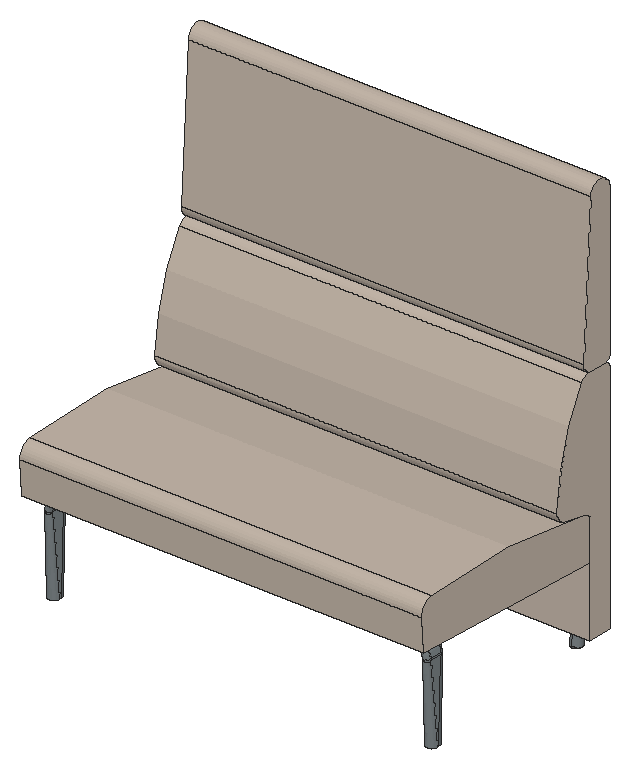
Revit family "FU_Modular_Sandler_Ambit 1061", category Furniture, Revit 2020
Family settings
  OmniClass Number = 23.40.20.00
  OmniClass Title = General Furniture and Specialties
  Work Plane-Based = No
  Always vertical = Yes
  Cut with Voids When Loaded = No
  Shared = No
  Room Calculation Point = No
Parameters (values of type "Ambit 1061")
  Width = 1200 mm
  URL = "https://www.sandlerseating.com/product/ambit-1061/"
  Seat [instance] = Fabric - Gravity - Wheat CPC21
  Panel [instance] = Fabric - Gravity - Wheat CPC21
  Overall Height = 1270 mm
  Model = "Ambit 1061"
  Manufacturer = "Sandler"
  Back Height = 770 mm
  Frame [instance] = Metal - Paint -AL VR - Anthracite Grey
  Description = "Modular seating system. Upholstered seat and back, with feet in cast aluminium."
  Depth = 700 mm
  Default Elevation = 0 mm
  Back [instance] = Fabric - Gravity - Wheat CPC21
Reference planes
  plane 1 "Center (Front/Back)": y = 0
  plane 2: z = 0
  plane 3 "Center (Left/Right)": x = 0
  plane 4 "Right": x = -600
  plane 5 "Left": x = 600
  plane 6 "Back": y = 350
  plane 7 "Front": y = -350
  plane 8 "Back Height": z = 770
  plane 9 "Seat height": z = 430
  plane 10 "Panel Height": z = 1270
Dimensions and locks
  equal spacing: plane 4 "Right", plane 3 "Center (Left/Right)", plane 5 "Left"
  "Width": plane 4 "Right" to plane 5 "Left"
  equal spacing: plane 6 "Back", plane 1 "Center (Front/Back)", plane 7 "Front"
  "Depth": plane 6 "Back" to plane 7 "Front"
  "Back Height": plane 8 "Back Height" to level
  plane 9 "Seat height" to level = 430 mm
  "Overall Height": plane 10 "Panel Height" to level
  aligned and locked: level to plane 2
Nested families
  nested 1: "Ambit Seat" at (0, 0, 0), Frame <- "Frame", Seat <- "Seat", type "Seat 1200mm"
    with Seat Fabric - Gravity - Wheat CPC21, Frame Metal - Paint -AL VR - Anthracite Grey
  nested 2: "Ambit Single-High-Panel" at (0, 0, 0), Panel <- "Panel", type "1200mm Single High Panel"
    with Panel Fabric - Gravity - Wheat CPC21
  nested 3: "Ambit SingleBack" at (0, 0, 0), Back <- "Back", Frame <- "Frame", type "1200mm Single Back"
    with Frame Metal - Paint -AL VR - Anthracite Grey, Back Fabric - Gravity - Wheat CPC21
Definition of nested family "Ambit Seat"
  Parameters (values of type "Seat 800mm")
    Width = 800 mm
    URL = ""
    Seat [instance] = none
    Model = ""
    Manufacturer = ""
    Height = 770 mm
    Frame [instance] = none
    Description = "Modular seating system."
    Depth = 700 mm
    Default Elevation = 0 mm
  Types (3, lengths in mm): name | Width
    (no name) | 800
    Seat 800mm | 800
    Seat 1200mm | 1200
  Reference planes
    plane 1 "Center (Front/Back)": y = 0
    plane 2: z = 0
    plane 3 "Center (Left/Right)": x = 0
    plane 4 "Right": x = -400
    plane 5 "Left": x = 400
    plane 6 "Back": y = 350
    plane 7 "Front": y = -350
    plane 8 "Height": z = 770
    plane 9 "Seat height": z = 430
    plane 10 "FFT C RIGHT": z = 285.404
    plane 11 "Frame Left": x = -364
    plane 12 "Frame Right": x = 364
  Forms (mm)
    SweptBlend 1, solid, material <- "Frame"
      path origin (0, -265.648, 0) x (0, 0, -1) y (1, 0, 0)
        loop
          line (0, 364.075) -> (-239.72, 364.075)
      profile "Pro_Ambit_FFoot : Pro_Ambit_FFoot" origin (364.075, -265.648, 0) x (-1, 0, 0) y (0, -1, 0)
        loop
          arc (17.452, 3.305) -> (0, 20.142) -> (-17.452, 3.305) r 17.463
          line (-17.452, 3.305) -> (-17.452, -3.305)
          arc (-17.452, -3.305) -> (0, -20.142) -> (17.452, -3.305) r 17.463
          line (17.452, -3.305) -> (17.452, 3.305)
      end profile "Pro_Ambit_FF : Pro_Ambit_FF" origin (364.075, -265.648, 239.72) x (-1, 0, 0) y (0, -1, 0)
        loop
          arc (-10, -20.066) -> (0, -30.066) -> (10, -20.066) r 10
          line (10, -20.066) -> (10, 20.066)
          arc (10, 20.066) -> (0, 30.066) -> (-10, 20.066) r 10
          line (-10, 20.066) -> (-10, -20.066)
    Sweep 2, solid, material <- "Frame"
      path origin (0, -265.648, 0) x (0, 0, -1) y (1, 0, 0)
        loop
          line (-234.72, -364.14) -> (-239.72, -364.14)
          arc (-239.72, -364.14) -> (-272.419, -345.952) -> (-285.404, -310.86) r 53.912
          line (-285.404, -310.86) -> (-285.404, 310.86)
          arc (-285.404, 310.86) -> (-272.419, 345.952) -> (-239.72, 364.14) r 53.912
          line (-239.72, 364.14) -> (-234.72, 364.14)
      profile "Pro_Ambit_FF : Pro_Ambit_FF" origin (0, -265.648, 285.404) x (0, 0, 1) y (0, -1, 0)
        loop
          arc (-10, -20.066) -> (0, -30.066) -> (10, -20.066) r 10
          line (10, -20.066) -> (10, 20.066)
          arc (10, 20.066) -> (0, 30.066) -> (-10, 20.066) r 10
          line (-10, 20.066) -> (-10, -20.066)
    SweptBlend 3, solid, material <- "Frame"
      path origin (0, -265.648, 0) x (0, 0, -1) y (-1, 0, 0)
        loop
          line (0, 364.075) -> (-239.72, 364.075)
      profile "Pro_Ambit_FFoot : Pro_Ambit_FFoot" origin (-364.075, -265.648, 0) x (-1, 0, 0) y (0, -1, 0)
        loop
          line (-17.452, 3.305) -> (-17.452, -3.305)
          arc (-17.452, -3.305) -> (0, -20.142) -> (17.452, -3.305) r 17.463
          line (17.452, -3.305) -> (17.452, 3.305)
          arc (17.452, 3.305) -> (0, 20.142) -> (-17.452, 3.305) r 17.463
      end profile "Pro_Ambit_FF : Pro_Ambit_FF" origin (-364.075, -265.648, 239.72) x (-1, 0, 0) y (0, -1, 0)
        loop
          line (-10, 20.066) -> (-10, -20.066)
          arc (-10, -20.066) -> (0, -30.066) -> (10, -20.066) r 10
          line (10, -20.066) -> (10, 20.066)
          arc (10, 20.066) -> (0, 30.066) -> (-10, 20.066) r 10
    Extrusion 4, solid, material <- "Seat"
      sketch origin (-400, 0, 0) x (0, -1, 0) y (0, 0, 1)
        loop
          line (343.115, 289.761) -> (350.038, 388.028)
          arc (350.038, 388.028) -> (340.698, 416.645) -> (314.05, 430.647) r 40
          arc (314.05, 430.647) -> (24.831, 435.731) -> (-261.468, 394.425) r 1800.168
          arc (-261.468, 394.425) -> (-272.664, 387.398) -> (-277.031, 374.923) r 20
          line (-277.031, 374.923) -> (-277.031, 260.098) -> (343.115, 289.761)
      from -800 to 0
  Dimensions and locks
    equal spacing: plane 4 "Right", plane 3 "Center (Left/Right)", plane 5 "Left"
    "Width": plane 4 "Right" to plane 5 "Left"
    equal spacing: plane 6 "Back", plane 1 "Center (Front/Back)", plane 7 "Front"
    "Depth": plane 6 "Back" to plane 7 "Front"
    "Height": plane 8 "Height" to level
    plane 9 "Seat height" to level = 430 mm
    locked: plane 4 "Right" to plane 11 "Frame Left" at 36
    locked: plane 12 "Frame Right" to plane 5 "Left" at 36
    aligned and locked: level to plane 2
    aligned and locked: plane 4 "Right" to Extrusion 4
    aligned and locked: Extrusion 4 to plane 5 "Left"
  Automatic sketch dimensions
    SweptBlend 1 sketch curve to level = 0 mm
    SweptBlend 1 sketch curve to plane 10 "FFT C RIGHT" = 45.683 mm
    Sweep 2 sketch curve to plane 10 "FFT C RIGHT" = 0 mm
    Sweep 2 sketch curve to plane 10 "FFT C RIGHT" = 45.683 mm  (x2)
    Sweep 2 sketch curve to plane 10 "FFT C RIGHT" = 53.912 mm  (x2)
    Sweep 2 sketch curve to plane 4 "Right" = 89.14 mm
    Sweep 2 sketch curve to Sweep 2 sketch curve = 5 mm  (x2)
    SweptBlend 3 sketch curve to level = 0 mm
    plane 4 "Right" to SweptBlend 3 sketch curve = 35.925 mm
    plane 10 "FFT C RIGHT" to SweptBlend 3 sketch curve = 45.683 mm
    Extrusion 4 sketch curve to Extrusion 4 sketch curve = 20 mm
    plane 7 "Front" to Extrusion 4 sketch curve = 39.864 mm
    plane 7 "Front" to Extrusion 4 sketch curve = 6.885 mm
    Extrusion 4 sketch curve to plane 7 "Front" = 0.038 mm
    Extrusion 4 sketch curve to level = 1360.883 mm
    Extrusion 4 sketch curve to plane 10 "FFT C RIGHT" = 25.306 mm
    plane 10 "FFT C RIGHT" to Extrusion 4 sketch curve = 4.357 mm
    Extrusion 4 sketch curve to plane 9 "Seat height" = 55.077 mm
    Extrusion 4 sketch curve to plane 9 "Seat height" = 41.972 mm
    Extrusion 4 sketch curve to plane 9 "Seat height" = 39.161 mm
    Extrusion 4 sketch curve to Extrusion 4 sketch curve = 0 mm
    plane 5 "Left" to SweptBlend 1 sketch curve = 35.925 mm
    plane 5 "Left" to Sweep 2 sketch curve = 89.14 mm
    Extrusion 4 sketch curve to plane 6 "Back" = 92.969 mm
    plane 1 "Center (Front/Back)" to Extrusion 4 sketch curve = 137.907 mm
Definition of nested family "Ambit Single-High-Panel"
  Parameters (values of type "1200mm Single High Panel")
    Width = 1200 mm
    URL = ""
    Panel [instance] = none
    Overall Height = 1270 mm
    Model = ""
    Manufacturer = ""
    Back Height = 770 mm
    Description = "Modular seating system."
    Depth = 700 mm
    Default Elevation = 0 mm
  Types (3, lengths in mm): name | Width
    (no name) | 1200
    800mm Single High Panel | 800
    1200mm Single High Panel | 1200
  Reference planes
    plane 1 "Center (Front/Back)": y = 0
    plane 2: z = 0
    plane 3 "Center (Left/Right)": x = 0
    plane 4 "Right": x = -600
    plane 5 "Left": x = 600
    plane 6 "Back": y = 350
    plane 7 "Front": y = -350
    plane 8 "Back Height": z = 770
    plane 9 "Seat height": z = 430
    plane 10 "Panel Height": z = 1270
  Forms (mm)
    Extrusion 1, solid, material <- "Panel"
      sketch origin (600, 0, 0) x (0, -1, 0) y (0, 0, 1)
        loop
          line (-350, 1237.462) -> (-350, 785)
          arc (-350, 785) -> (-345.607, 774.393) -> (-335, 770) r 15
          line (-335, 770) -> (-282.35, 770)
          arc (-282.35, 770) -> (-260.968, 778.956) -> (-252.353, 800.477) r 30
          arc (-252.353, 800.477) -> (-260.67, 1019.26) -> (-278.638, 1237.462) r 4957.952
          arc (-278.638, 1237.462) -> (-314.319, 1269.605) -> (-350, 1237.462) r 35.876
      from 0 to 1200
  Dimensions and locks
    equal spacing: plane 4 "Right", plane 3 "Center (Left/Right)", plane 5 "Left"
    "Width": plane 4 "Right" to plane 5 "Left"
    equal spacing: plane 6 "Back", plane 1 "Center (Front/Back)", plane 7 "Front"
    "Depth": plane 6 "Back" to plane 7 "Front"
    "Back Height": plane 8 "Back Height" to level
    plane 9 "Seat height" to level = 430 mm
    "Overall Height": plane 10 "Panel Height" to level
    aligned and locked: level to plane 2
    aligned and locked: plane 4 "Right" to Extrusion 1
    aligned and locked: Extrusion 1 to plane 5 "Left"
  Automatic sketch dimensions
    Extrusion 1 sketch curve to plane 6 "Back" = 0 mm
    Extrusion 1 sketch curve to plane 8 "Back Height" = 0 mm
    Extrusion 1 sketch curve to plane 8 "Back Height" = 48.425 mm
    plane 6 "Back" to Extrusion 1 sketch curve = 4859.678 mm
    Extrusion 1 sketch curve to plane 6 "Back" = 15 mm
    plane 8 "Back Height" to Extrusion 1 sketch curve = 30 mm
    Extrusion 1 sketch curve to plane 10 "Panel Height" = 36.271 mm
    Extrusion 1 sketch curve to plane 10 "Panel Height" = 32.538 mm
    Extrusion 1 sketch curve to Extrusion 1 sketch curve = 0 mm
    Extrusion 1 sketch curve to plane 6 "Back" = 35.681 mm
    Extrusion 1 sketch curve to Extrusion 1 sketch curve = 52.65 mm
Definition of nested family "Ambit SingleBack"
  Parameters (values of type "800mm Single Back")
    Width = 800 mm
    URL = ""
    Model = ""
    Manufacturer = ""
    Height = 770 mm
    Frame [instance] = none
    Description = "Modular seating system."
    Depth = 700 mm
    Default Elevation = 0 mm
    Back [instance] = none
  Types (3, lengths in mm): name | Width
    (no name) | 800
    800mm Single Back | 800
    1200mm Single Back | 1200
  Reference planes
    plane 1 "Center (Front/Back)": y = 0
    plane 2: z = 0
    plane 3 "Center (Left/Right)": x = 0
    plane 4 "Right": x = -400
    plane 5 "Left": x = 400
    plane 6 "Back": y = 350
    plane 7 "Front": y = -350
    plane 8 "Height": z = 770
    plane 9 "Seat height": z = 430
    plane 10 "Back Right Foot": x = -331.016
    plane 11 "Back Left Foot": x = 331.016
  Forms (mm)
    Revolve 1, solid, material <- "Frame"
      sketch origin (331.016, 0, 0) x (0, 0, -1) y (0, -1, 0)
        loop
          arc (-40.637, -299.423) -> (-44.432, -298.107) -> (-46.076, -294.441) r 5.065
          line (-46.076, -294.441) -> (-48.022, -294.441) -> (-48.022, -313.961) -> (0, -313.961) -> (0, -297.944)
          arc (0, -297.944) -> (-0.817, -296.901) -> (-2.1, -296.57) r 2.065
          line (-2.1, -296.57) -> (-40.637, -299.423)
        axis (-48.022, -313.961) -> (0, -313.961)
      angle from 0 to 360
    Extrusion 2, solid, material <- "Frame"
      sketch origin (0, 0, 51.603) x (0, -1, 0) y (1, 0, 0)
        loop
          arc (-342.852, 290.046) -> (-342.258, 288.613) -> (-340.824, 288.019) r 2.027
          line (-340.824, 288.019) -> (-286.875, 288.019)
          arc (-286.875, 288.019) -> (-285.444, 288.611) -> (-284.852, 290.042) r 2.023
          line (-284.852, 290.042) -> (-284.852, 372.037)
          arc (-284.852, 372.037) -> (-285.431, 373.436) -> (-286.83, 374.016) r 1.978
          line (-286.83, 374.016) -> (-340.837, 374.016)
          arc (-340.837, 374.016) -> (-342.262, 373.426) -> (-342.852, 372.001) r 2.015
          line (-342.852, 372.001) -> (-342.852, 290.046)
      from -5.528 to 0
    Revolve 3, solid, material <- "Frame"
      sketch origin (-331.016, 0, 0) x (0, 0, -1) y (0, -1, 0)
        loop
          arc (-40.637, -299.423) -> (-44.432, -298.107) -> (-46.076, -294.441) r 5.065
          line (-46.076, -294.441) -> (-48.022, -294.441) -> (-48.022, -313.961) -> (0, -313.961) -> (0, -297.944)
          arc (0, -297.944) -> (-0.817, -296.901) -> (-2.1, -296.57) r 2.065
          line (-2.1, -296.57) -> (-40.637, -299.423)
        axis (-48.022, -313.961) -> (0, -313.961)
      angle from 0 to 360
    Extrusion 4, solid, material <- "Frame"
      sketch origin (0, 0, 51.603) x (0, -1, 0) y (1, 0, 0)
        loop
          line (-342.852, -290.046) -> (-342.852, -372.001)
          arc (-342.852, -372.001) -> (-342.262, -373.426) -> (-340.837, -374.016) r 2.015
          line (-340.837, -374.016) -> (-286.83, -374.016)
          arc (-286.83, -374.016) -> (-285.431, -373.436) -> (-284.852, -372.037) r 1.978
          line (-284.852, -372.037) -> (-284.852, -290.042)
          arc (-284.852, -290.042) -> (-285.444, -288.611) -> (-286.875, -288.019) r 2.023
          line (-286.875, -288.019) -> (-340.824, -288.019)
          arc (-340.824, -288.019) -> (-342.258, -288.613) -> (-342.852, -290.046) r 2.027
      from -5.528 to 0
    Extrusion 5, solid, material <- "Back"
      sketch origin (400, 0, 0) x (0, -1, 0) y (0, 0, 1)
        loop
          line (-276.986, 51.603) -> (-276.986, 376.265)
          arc (-276.986, 376.265) -> (-272.236, 387.916) -> (-261.468, 394.425) r 20
          arc (-261.468, 394.425) -> (-221.889, 402.963) -> (-182.128, 410.609) r 1800.168
          arc (-182.128, 410.609) -> (-161.146, 423.03) -> (-153.367, 446.139) r 35
          arc (-153.367, 446.139) -> (-179.881, 606.219) -> (-247.561, 753.69) r 611.524
          arc (-247.561, 753.69) -> (-260.259, 765.652) -> (-277.153, 770) r 35
          line (-277.153, 770) -> (-330, 770)
          arc (-330, 770) -> (-344.142, 764.142) -> (-350, 750) r 20
          line (-350, 750) -> (-350, 51.603) -> (-276.986, 51.603)
      from 0 to 800
  Cuts and joins
    joined: Revolve 1, Extrusion 2
  Dimensions and locks
    equal spacing: plane 4 "Right", plane 3 "Center (Left/Right)", plane 5 "Left"
    "Width": plane 4 "Right" to plane 5 "Left"
    equal spacing: plane 6 "Back", plane 1 "Center (Front/Back)", plane 7 "Front"
    "Depth": plane 6 "Back" to plane 7 "Front"
    "Height": plane 8 "Height" to level
    plane 9 "Seat height" to level = 430 mm
    locked: plane 4 "Right" to plane 10 "Back Right Foot" at 68.984
    locked: plane 11 "Back Left Foot" to plane 5 "Left" at 68.984
    aligned and locked: level to plane 2
    aligned and locked: plane 4 "Right" to Extrusion 5
    aligned and locked: Extrusion 5 to plane 5 "Left"
  Automatic sketch dimensions
    Extrusion 2 sketch curve to plane 6 "Back" = 7.148 mm
    Extrusion 2 sketch curve to Extrusion 2 sketch curve = 2.015 mm
    Extrusion 2 sketch curve to Extrusion 2 sketch curve = 2.027 mm
    Extrusion 2 sketch curve to Extrusion 2 sketch curve = 2.023 mm
    plane 5 "Left" to Extrusion 2 sketch curve = 27.999 mm
    plane 6 "Back" to Extrusion 4 sketch curve = 7.148 mm
    Extrusion 4 sketch curve to Extrusion 4 sketch curve = 2.015 mm
    Extrusion 4 sketch curve to Extrusion 4 sketch curve = 2.027 mm
    Extrusion 4 sketch curve to Extrusion 4 sketch curve = 2.023 mm
    plane 4 "Right" to Extrusion 4 sketch curve = 111.981 mm
    plane 4 "Right" to Extrusion 4 sketch curve = 27.999 mm
    Extrusion 5 sketch curve to plane 6 "Back" = 0 mm
    Extrusion 5 sketch curve to plane 8 "Height" = 0 mm
    Extrusion 5 sketch curve to plane 9 "Seat height" = 2.863 mm
    plane 6 "Back" to Extrusion 5 sketch curve = 414.596 mm
    Extrusion 5 sketch curve to Extrusion 5 sketch curve = 19.955 mm
    plane 9 "Seat height" to Extrusion 5 sketch curve = 15.052 mm
    Extrusion 5 sketch curve to Extrusion 5 sketch curve = 68.681 mm
    Extrusion 5 sketch curve to level = 1360.883 mm
    Extrusion 5 sketch curve to plane 9 "Seat height" = 55.077 mm
    Extrusion 5 sketch curve to Extrusion 5 sketch curve = 1.342 mm
    Extrusion 5 sketch curve to Extrusion 5 sketch curve = 35 mm
    Extrusion 5 sketch curve to Extrusion 5 sketch curve = 0 mm  (x3)
    plane 1 "Center (Front/Back)" to Extrusion 5 sketch curve = 137.907 mm
    Extrusion 2 sketch curve to Extrusion 2 sketch curve = 81.955 mm
    Extrusion 2 sketch curve to Extrusion 2 sketch curve = 53.95 mm
    Extrusion 2 sketch curve to Extrusion 2 sketch curve = 1.978 mm
    Extrusion 4 sketch curve to Extrusion 4 sketch curve = 53.95 mm
    Extrusion 4 sketch curve to Extrusion 4 sketch curve = 1.978 mm
    Extrusion 5 sketch curve to Extrusion 5 sketch curve = 20 mm
    Extrusion 5 sketch curve to Extrusion 5 sketch curve = 52.847 mm
    Extrusion 5 sketch curve to Extrusion 5 sketch curve = 73.014 mm
    level to Extrusion 5 sketch curve = 51.603 mm
    Revolve 3 sketch curve to level = 0 mm
    level to Revolve 3 sketch curve = 1.947 mm
    Revolve 3 sketch curve to Revolve 3 sketch curve = 0.152 mm
    Revolve 3 sketch curve to Revolve 3 sketch curve = 38.537 mm
    Revolve 3 sketch curve to Revolve 3 sketch curve = 0.374 mm
    Revolve 3 sketch curve to Revolve 3 sketch curve = 5.064 mm
    Revolve 3 sketch curve to Revolve 3 sketch curve = 1.946 mm
    Revolve 3 sketch curve to plane 6 "Back" = 36.039 mm
    Revolve 3 sketch curve to Revolve 3 sketch curve = 14.538 mm
    Revolve 3 sketch curve to Revolve 3 sketch curve = 15.332 mm
    Revolve 3 sketch curve to Revolve 3 sketch curve = 0.686 mm
    Revolve 3 sketch curve to Revolve 3 sketch curve = 4.982 mm
    Revolve 3 sketch curve to Revolve 3 sketch curve = 5 mm
    Revolve 3 sketch curve to level = 4.899 mm
    Revolve 3 sketch curve to Revolve 3 sketch curve = 0 mm
    Revolve 1 sketch curve to level = 0 mm
    Revolve 1 sketch curve to level = 1.947 mm
    Revolve 1 sketch curve to Revolve 1 sketch curve = 0.152 mm
    Revolve 1 sketch curve to Revolve 1 sketch curve = 38.537 mm
    Revolve 1 sketch curve to Revolve 1 sketch curve = 0.374 mm
    Revolve 1 sketch curve to Revolve 1 sketch curve = 5.064 mm
    Revolve 1 sketch curve to Revolve 1 sketch curve = 1.946 mm
    plane 6 "Back" to Revolve 1 sketch curve = 36.039 mm
    Revolve 1 sketch curve to Revolve 1 sketch curve = 14.538 mm
    Revolve 1 sketch curve to Revolve 1 sketch curve = 15.332 mm
    Revolve 1 sketch curve to Revolve 1 sketch curve = 0.686 mm
    Revolve 1 sketch curve to Revolve 1 sketch curve = 4.982 mm
    Revolve 1 sketch curve to Revolve 1 sketch curve = 5 mm
    level to Revolve 1 sketch curve = 4.899 mm
    Revolve 1 sketch curve to Revolve 1 sketch curve = 0 mm
